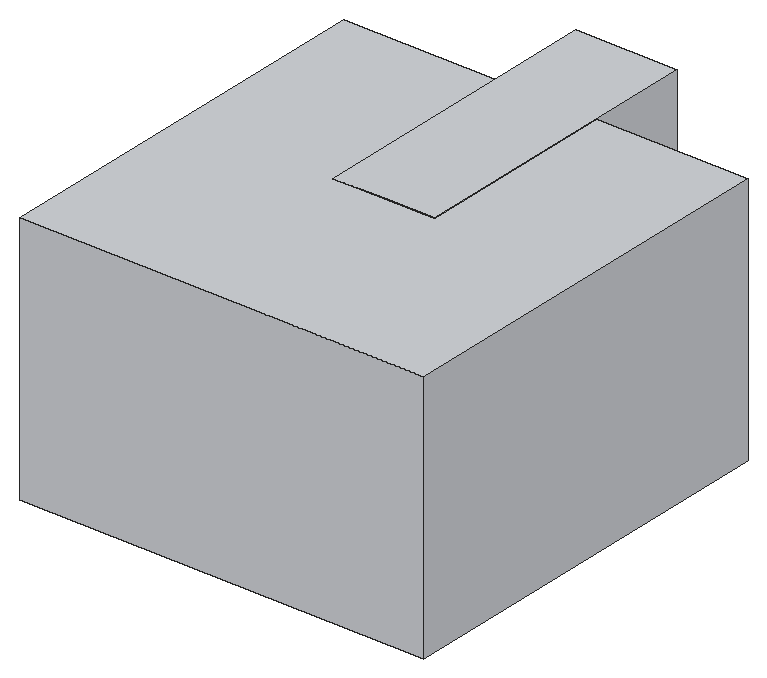
Revit family "Module Origin", category Generic Models, Revit 2026
Family settings
  Can host rebar = No
  Round Connector Dimension = Use Diameter
  Part Type = Normal
  Work Plane-Based = No
  Always vertical = Yes
  Cut with Voids When Loaded = No
  Maintain Annotation Orientation = No
  Shared = No
  Room Calculation Point = No
Parameters
  Default Elevation = 0 mm
Reference planes
  plane 1 "Center (Front/Back)": y = 0
  plane 2: z = 0
  plane 3 "Center (Left/Right)": x = 0
Forms (mm)
  Extrusion 1, solid
    sketch origin (0, 0, 0) x (1, 0, 0) y (0, 1, 0)
      loop
        line (-200, 200) -> (-200, -200) -> (200, -200) -> (200, 200) -> (-200, 200)
    from 0 to 250
  Extrusion 2, solid
    sketch origin (0, 0, 0) x (1, 0, 0) y (0, 1, 0)
      loop
        line (0, 0) -> (50, 0) -> (50, 300) -> (-50, 300) -> (-50, 0) -> (0, 0)
    from 0 to 250
Dimensions and locks
  aligned and locked: level to plane 2
